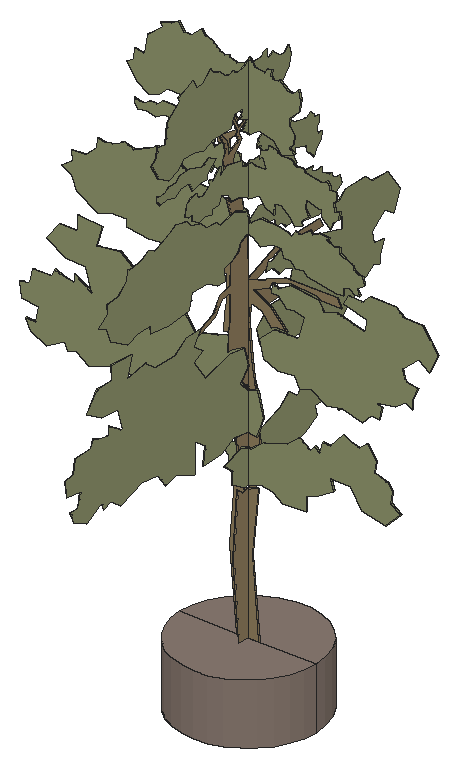
Revit family "L-PLT_곰솔", category 수목, Revit 2019
Family settings
  OmniClass 번호 = 23.40.05.00
  OmniClass 제목 = Plants and Planting Products
  작업 기준면 기반 = 아니오
  항상 수직 = 예
  로드될 때 보이드를 사용하여 절단 = 아니오
  렌더 모양 소스 = 패밀리 형상
  공유 = 아니오
Parameters (values of type "곰솔 5.0H X 2.5W X 20R")
  한국산업규격KS = ""
  콘 높이 = 뿌리분 직경 / 4  # 272.5 mm
  조달청표준공사코드-세부공종 = "10161599202810"
  뿌리분 직경 = (24 mm + ((R / 10) - 3 mm) * 5) * 10  # 1090 mm
  뿌리분 높이 = 뿌리분 직경 / 2  # 545 mm
  높이 = 5000 mm
  건설정보분류체계-부위분류 = "E985"
  R = 200 mm
  LIM_INFO_주의사항 = "재배포, 재가공, 판매 금지"
  LIM_INFO_제작일 = "20211210"
  LIM_INFO_버전 = "2022_V01"
  LIM_INFO_PL_학명 = "Pinus thunbergii Parl."
  LIM_INFO_PL_품명 = "곰솔"
  LIM_INFO_PL_주당인정수량 = 0
  LIM_INFO_PL_수목단위 = "주"
  LIM_INFO_PL_규격 = "5.0H X 2.5W X 20R"
  LIM_INFO_PL_구분 = "상록교목"
  LIM_INFO_PL_가격 = 0
  LIM_INFO_PL_Qty [instance] = 0
  LIM_INFO_PL_M2당수량 = 0
  KBIMS_식별-버전 = ""
  KBIMS_식별-bSK등록번호 = ""
  KBIMS_보급정보-저작자 = "림인포테크_MMJ"
  KBIMS_보급정보-보급코드 = ""
  H = 높이  # 5000 mm
Types (7, lengths in mm): name | 높이 | LIM_INFO_PL_규격 | H
  곰솔 5.0H X 2.5W X 20R | 5000 | "5.0H X 2.5W X 20R" | 5000
  곰솔 4.0H X 2.0W X 15R | 4000 | "4.0H X 2.0W X 15R" | 4000
  곰솔 3.5H X 1.5W X 12R | 3500 | "3.5H X 1.5W X 12R" | 3500
  곰솔 3.0H X 1.2W X 10R | 3000 | "3.0H X 1.2W X 10R" | 3000
  곰솔 3.0H X 1.0W X 6R | 3000 | "3.0H X 1.0W X 6R" | 3000
  곰솔 2.5H X 0.8W | 2500 | "2.5H X 0.8W" | 2500
  곰솔 2.0H X 0.6W | 2000 | "2.0H X 0.6W" | 2000
Reference planes
  plane 1 "중심(앞/뒤)": y = 0
  plane 2: z = 0
  plane 3 "중심(왼쪽/오른쪽)": x = 0
  plane 4: x = 482.5
  plane 5: x = -607.5
  plane 6: z = -545
  plane 7: z = -817.5
  plane 8: z = 5000
  plane 9: x = -100
  plane 10: x = 100
Forms (mm)
  Revolve 1, solid, material "흙"
    sketch origin (0, 0, 0) x (1, 0, 0) y (0, 0, 1)
      loop
        line (0, 0) -> (-607.5, 0) -> (-607.5, -545) -> (0, -545) -> (0, 0)
      axis (0, 0) -> (0, -545)
    angle from 0 to 360
  Revolve 2, solid, material "흙"
    sketch origin (0, 0, 0) x (1, 0, 0) y (0, 0, 1)
      loop
        line (0, -545) -> (-607.5, -545) -> (0, -817.5) -> (0, -545)
      axis (0, -545) -> (0, -817.5)
    angle from 0 to 360
Dimensions and locks
  "뿌리분 직경": plane 4 to plane 5
  "뿌리분 높이": plane 6 to level
  "콘 높이": plane 7 to plane 6
  "H": level to plane 8
  "R": plane 9 to plane 10
  aligned and locked: level to plane 2
Automatic sketch dimensions
  Revolve 1 sketch curve to level = 0 mm  (x2)
  Revolve 1 sketch curve to plane 5 = 0 mm
  Revolve 1 sketch curve to plane 3 "중심(왼쪽/오른쪽)" = 0 mm  (x2)
  Revolve 1 sketch curve to plane 6 = 0 mm  (x2)
  Revolve 2 sketch curve to plane 5 = 0 mm
  Revolve 2 sketch curve to plane 3 "중심(왼쪽/오른쪽)" = 0 mm  (x2)
  Revolve 2 sketch curve to plane 7 = 0 mm  (x2)
  Revolve 2 sketch curve to plane 6 = 0 mm  (x2)
Nested families
  nested 1: "곰솔_base" at (0, 0, 0), type "곰솔_base"
Definition of nested family "곰솔_base"
  Parameters (values of type "곰솔_base")
    Height = 6000 mm
  Reference planes
    plane 1 "중심(앞/뒤)": y = 0
    plane 2: z = 0
    plane 3 "중심(왼쪽/오른쪽)": x = 0
  Forms (mm)
    Revolve 1, solid, detail levels coarse
      sketch origin (0, 0, 0) x (1, 0, 0) y (0, 0, 1)
        loop
          line (0, 0) -> (0, 4500) -> (-590.585, 4224.606) -> (-1456.826, 1582.774) -> (-100, 1582.774) -> (-100, 0) -> (0, 0)
        axis (0, 4500) -> (0, 0)
      angle from 0 to 360
    Extrusion 2, solid, detail levels fine
      sketch origin (0, 0, 0) x (1, 0, 0) y (0, 0, 1)
        loop
          line (-168.946, 1296.744) -> (-33.189, 1214.807) -> (115.375, 1262.177) -> (219.114, 1242.973) -> (313.888, 1184.081) -> (525.208, 1195.603) -> (525.208, 1318.508) -> (637.913, 1358.197) -> (771.301, 1440.735) -> (743.608, 1532.13) -> (918.005, 1532.13) -> (1021.743, 1377.218) -> (1235.625, 1328.568) -> (1366.259, 1464.276) -> (1277.889, 1523.168) -> (1291.977, 1625.589) -> (1256.117, 1676.8) -> (1129.325, 1713.927) -> (1149.816, 1815.068) -> (1070.411, 1926.451) -> (1002.533, 1872.68) -> (923.847, 1881.742) -> (854.38, 1921.992) -> (743.608, 1798.483) -> (671.18, 1798.483) -> (643.755, 1707.809) -> (599.473, 1741.009) -> (561.069, 1689.785) -> (463.733, 1762.76) -> (361.275, 1676.982) -> (146.113, 1609.128) -> (24.444, 1511.828) -> (-72.892, 1543.835) -> (-259.878, 1478.541) -> (-172.789, 1406.847) -> (-168.946, 1296.744)
        loop
          line (-591.81, 1563.5) -> (-588.708, 1830.149) -> (-470.844, 1746.434) -> (-492.556, 1588.305) -> (-297.149, 1597.606) -> (-151.369, 1665.819) -> (83.462, 1637.798) -> (142.317, 1805.01) -> (92.755, 2009.381) -> (2.923, 1975.32) -> (-90.007, 2068.215) -> (2.923, 2176.594) -> (-46.64, 2328.324) -> (-189.132, 2356.193) -> (-464.823, 2278.78) -> (-604.218, 2467.668) -> (-505.093, 2517.212) -> (-607.316, 2594.626) -> (-539.167, 2696.811) -> (-678.562, 2696.811) -> (-805.566, 2610.108) -> (-1028.597, 2610.108) -> (-1134.608, 2692.109) -> (-1348.625, 2658.002) -> (-1298.998, 2831.635) -> (-1522.32, 2847.137) -> (-1516.117, 2723.114) -> (-1677.405, 2723.114) -> (-1795.27, 2568.086) -> (-1624.677, 2471.968) -> (-1447.88, 2462.666) -> (-1392.049, 2273.531) -> (-1547.134, 2369.649) -> (-1546.754, 2292.943) -> (-1651.403, 2314.369) -> (-1722.01, 2342.097) -> (-1747.226, 2279.079) -> (-1919.96, 2276.558) -> (-1942.655, 2158.083) -> (-2035.957, 2137.917) -> (-2017.044, 2009.358) -> (-1869.527, 1991.713) -> (-1894.744, 1865.676) -> (-1980.48, 1866.936) -> (-1937.612, 1773.668) -> (-1798.92, 1703.087) -> (-1635.012, 1796.355) -> (-1603.491, 1730.816) -> (-1525.422, 1755.736) -> (-1416.863, 1681.322) -> (-1178.032, 1755.736) -> (-1001.235, 1737.132) -> (-911.285, 1619.31) -> (-799.624, 1650.316) -> (-591.81, 1563.5)
        loop
          line (351.735, 2753.654) -> (416.899, 2765.15) -> (505.062, 2736.411) -> (457.147, 2552.485) -> (244.406, 2550.569) -> (104.494, 2426.036) -> (142.826, 2284.26) -> (271.238, 2228.699) -> (423.714, 2245.761) -> (464.814, 2157.99) -> (560.643, 2184.812) -> (704.387, 2106.261) -> (851.965, 2133.083) -> (1022.542, 2077.522) -> (1104.558, 2163.527) -> (1175.51, 2157.447) -> (1199.836, 2258.77) -> (1139.02, 2277.008) -> (1319.033, 2311.87) -> (1408.229, 2376.716) -> (1473.1, 2342.266) -> (1471.072, 2413.192) -> (1521.234, 2524.956) -> (1406.538, 2540.243) -> (1383.599, 2641.521) -> (1525.057, 2756.175) -> (1624.46, 2687.383) -> (1700.924, 2851.72) -> (1563.289, 3042.81) -> (1393.157, 3046.632) -> (1316.693, 3107.781) -> (1098.771, 3109.692) -> (1024.218, 3048.543) -> (901.876, 3050.454) -> (857.909, 2970.196) -> (1060.539, 2912.869) -> (1054.804, 2807.769) -> (796.738, 2878.473) -> (683.954, 2836.433) -> (620.871, 2918.602) -> (385.745, 2949.176) -> (278.696, 2891.849) -> (225.24, 2906.926) -> (211.824, 2836.038) -> (276.988, 2834.122) -> (351.735, 2753.654)
        loop
          line (17.405, 3325.928) -> (-7.325, 3412.45) -> (-146.709, 3467.51) -> (-303.316, 3425.122) -> (-351.462, 3474.37) -> (-456.712, 3481.086) -> (-528.372, 3544.885) -> (-641.459, 3573.986) -> (-679.528, 3626.592) -> (-794.856, 3652.335) -> (-867.635, 3610.922) -> (-1017.672, 3548.243) -> (-1101.648, 3579.582) -> (-1172.188, 3537.05) -> (-1274.079, 3520.261) -> (-1335.662, 3531.453) -> (-1349.098, 3441.911) -> (-1442.031, 3359.085) -> (-1568.555, 3352.37) -> (-1560.718, 3270.663) -> (-1660.369, 3201.268) -> (-1573.034, 3152.019) -> (-1527.127, 3038.973) -> (-1340.14, 2930.403) -> (-1225.933, 2971.816) -> (-1082.614, 2969.578) -> (-1081.494, 2908.018) -> (-881.071, 2881.155) -> (-662.733, 2905.779) -> (-629.143, 3035.615) -> (-442.102, 3024.095) -> (-332.516, 2958.144) -> (-253.123, 2958.144) -> (-266.541, 3072.162) -> (-178.202, 3090.047) -> (-107.754, 3141.466) -> (-89.862, 3199.592) -> (-25.005, 3236.48) -> (46.561, 3224.184) -> (112.536, 3166.058) -> (219.885, 3220.831) -> (303.752, 3215.242) -> (323.88, 3153.762) -> (379.791, 3152.644) -> (427.874, 3103.46) -> (496.086, 3107.932) -> (535.223, 3073.279) -> (682.829, 3048.687) -> (795.769, 3030.802) -> (855.035, 3039.745) -> (852.798, 3097.871) -> (910.946, 3110.167) -> (951.202, 3074.397) -> (1002.489, 3083.583) -> (982.267, 3137.256) -> (1043.63, 3180.473) -> (1028.289, 3249.481) -> (993.424, 3252.269) -> (947.402, 3274.575) -> (941.823, 3307.337) -> (915.186, 3313.085) -> (821.867, 3364.17) -> (821.867, 3407.481) -> (765.208, 3396.376) -> (708.55, 3430.803) -> (729.658, 3450.793) -> (639.671, 3458.566) -> (581.901, 3431.913) -> (561.904, 3455.235) -> (473.028, 3389.713) -> (424.146, 3399.707) -> (388.596, 3344.18) -> (349.713, 3367.502) -> (276.39, 3381.939) -> (127.564, 3398.966) -> (17.405, 3325.928)
        loop
          line (791.245, 3771.91) -> (791.245, 3833.467) -> (736.046, 3842.122) -> (734.964, 3872.417) -> (705.741, 3897.301) -> (663.53, 3870.253) -> (522.826, 3896.219) -> (482.78, 3928.677) -> (435.157, 3923.268) -> (375.628, 3962.218) -> (293.371, 3954.644) -> (239.254, 3994.676) -> (191.201, 4002.984) -> (189.025, 3973.619) -> (119.393, 3934.465) -> (106.337, 3872.472) -> (131.361, 3889.873) -> (165.089, 3798.514) -> (63.905, 3795.252) -> (31.265, 3808.303) -> (-11.167, 3774.587) -> (-64.479, 3800.69) -> (-67.743, 3847.457) -> (-232.031, 3874.647) -> (-296.223, 3825.705) -> (-310.367, 3849.632) -> (-297.311, 3861.595) -> (-301.663, 3901.837) -> (-347.359, 3867.034) -> (-390.097, 3808.16) -> (-401.154, 3836.219) -> (-433.902, 3845.997) -> (-423.27, 3800.508) -> (-493.018, 3751.192) -> (-559.363, 3762.671) -> (-570.421, 3797.957) -> (-630.812, 3791.58) -> (-680.571, 3758.844) -> (-695.031, 3674.242) -> (-654.203, 3647.033) -> (-616.777, 3666.164) -> (-618.607, 3606.267) -> (-548.071, 3562.876) -> (-481.876, 3581.317) -> (-404.83, 3559.621) -> (-397.234, 3594.334) -> (-328.868, 3608.436) -> (-300.654, 3668.098) -> (-220.352, 3642.064) -> (-176.945, 3573.723) -> (-92.303, 3568.3) -> (6.447, 3517.315) -> (107.704, 3574.947) -> (151.111, 3503.353) -> (232.498, 3463.216) -> (236.838, 3551.083) -> (307.374, 3561.93) -> (372.484, 3502.268) -> (420.231, 3435.012) -> (488.596, 3466.471) -> (480.003, 3496.555) -> (507.999, 3526.237) -> (546.175, 3560.16) -> (517.755, 3620.372) -> (525.815, 3686.096) -> (636.471, 3657.11) -> (658.118, 3652.782) -> (662.447, 3604.095) -> (740.375, 3525.113) -> (764.187, 3591.112) -> (812.892, 3628.979) -> (822.633, 3690.65) -> (779.34, 3677.667) -> (769.599, 3747.993) -> (791.245, 3771.91)
        loop
          line (-1008.607, 4363.682) -> (-1015.433, 4274.977) -> (-1076.866, 4237.449) -> (-994.955, 4107.804) -> (-885.741, 4042.981) -> (-790.178, 4073.687) -> (-711.68, 4140.215) -> (-587.108, 4140.215) -> (-488.132, 4112.921) -> (-385.744, 4153.862) -> (-192.912, 4152.156) -> (-157.076, 4254.507) -> (-41.036, 4254.507) -> (-81.991, 4191.39) -> (-17.145, 4162.391) -> (-59.807, 4082.216) -> (13.571, 4025.923) -> (93.776, 4087.333) -> (232, 4053.216) -> (307.085, 3973.041) -> (423.125, 4013.982) -> (373.637, 4044.687) -> (409.473, 4085.628) -> (418.006, 4158.979) -> (370.224, 4227.213) -> (377.05, 4280.095) -> (462.374, 4368.799) -> (474.319, 4464.327) -> (455.548, 4544.502) -> (411.18, 4496.738) -> (359.986, 4505.268) -> (288.314, 4563.267) -> (237.091, 4538.022) -> (206.326, 4565.433) -> (215.689, 4618.248) -> (170.88, 4605.546) -> (160.179, 4575.461) -> (69.885, 4580.325) -> (23.81, 4634.912) -> (-34.21, 4585.443) -> (-99.981, 4567.438) -> (-162.179, 4588.163) -> (-162.179, 4607.551) -> (-200.3, 4591.506) -> (-245.813, 4602.501) -> (-315.778, 4662.206) -> (-382.331, 4689.5) -> (-407.928, 4725.323) -> (-498.371, 4646.853) -> (-568.336, 4646.853) -> (-612.705, 4721.911) -> (-676.164, 4684.399) -> (-773.113, 4653.677) -> (-756.048, 4621.266) -> (-894.273, 4512.091) -> (-918.164, 4346.623) -> (-1008.607, 4363.682)
        loop
          line (-1011.82, 3967.065) -> (-1011.82, 3927.604) -> (-980.02, 3888.142) -> (-899.972, 3899.104) -> (-819.924, 3877.181) -> (-751.938, 3922.123) -> (-657.635, 3922.123) -> (-617.062, 3845.392) -> (-528.242, 3873.892) -> (-462.449, 3864.027) -> (-455.136, 3904.206) -> (-357.713, 3985.491) -> (-428.587, 4028.736) -> (-507.746, 3991.932) -> (-639.053, 4030.274) -> (-758.161, 4030.274) -> (-794.703, 3990.084) -> (-871.462, 3990.084) -> (-921.903, 3953.911) -> (-977.827, 3953.911) -> (-1011.82, 3967.065)
      from 0 to 5
    Extrusion 3, solid, detail levels fine
      sketch origin (0, 0, 0) x (1, 0, 0) y (0, 0, 1)
        loop
          line (-105.57, 4025.609) -> (-213.395, 3954.809) -> (-223.837, 3954.809) -> (-223.837, 3998.943) -> (-238.848, 4078.973) -> (-282.451, 4135.422) -> (-309.614, 4133.993) -> (-261.722, 4068.255) -> (-246.711, 3986.796) -> (-273.874, 3936.778) -> (-273.159, 3916.77) -> (-262.226, 3864.123) -> (-230.299, 3883.475) -> (-167.086, 3869.68) -> (-162.189, 3931.09) -> (-104.763, 3984.046) -> (-90.53, 3995.86) -> (-72.315, 4025.171) -> (-78.57, 4035.176) -> (-102.653, 4082.359) -> (-90.523, 4111.55) -> (-26.644, 4154.935) -> (-37.987, 4160.431) -> (-100.89, 4125.418) -> (-155.092, 4222.797) -> (-163.007, 4204.499) -> (-113.194, 4104.991) -> (-124.035, 4076.428) -> (-105.57, 4025.609)
        loop
          line (-239.827, 3626) -> (-194.765, 3471.896) -> (-146.897, 3483.622) -> (-52.088, 3443.204) -> (-66.96, 3537.978) -> (-99.492, 3553.774) -> (-185.936, 3560.743) -> (-239.827, 3626)
        loop
          line (-190.065, 2900.994) -> (-310.971, 2873.877) -> (-385.374, 2754.566) -> (-514.029, 2694.135) -> (-532.494, 2655.981) -> (-371.552, 2721.572) -> (-291.082, 2830.478) -> (-191.399, 2844.322) -> (-191.399, 2628.031) -> (-209.945, 2521.74) -> (-215.398, 2383.992) -> (-179.683, 2383.992) -> (-29.431, 2342.134) -> (21.063, 2178.395) -> (-51.6, 2070.056) -> (13.674, 1997.42) -> (70.247, 2020.067) -> (36.891, 2241.707) -> (10.915, 2530.243) -> (21.995, 2686.776) -> (124.503, 2656.953) -> (214.007, 2552.188) -> (246.136, 2574.364) -> (348.645, 2571.305) -> (207.887, 2721.188) -> (56.42, 2803.012) -> (195.647, 2865.718) -> (218.597, 2924.601) -> (267.556, 2925.366) -> (377.714, 2972.013) -> (617.92, 2950.601) -> (664.419, 2927.49) -> (839.16, 2927.49) -> (801.279, 2997.116) -> (334.356, 2997.123) -> (-0.5, 2862.84) -> (-6.341, 3207.305) -> (-75.677, 3188.208) -> (-92.772, 3129.173) -> (-186.627, 3070.168) -> (-190.065, 2900.994)
        loop
          line (-74.252, 1563.075) -> (22.243, 1526.014) -> (108.072, 1587.951) -> (105.025, 1664.611) -> (92.328, 1628.565) -> (-126.562, 1653.442) -> (-117.42, 1542.767) -> (-74.252, 1563.075)
        loop
          line (-114.677, 1229.016) -> (-161.857, 693.804) -> (-100, 0) -> (100, 0) -> (41.759, 686.945) -> (95.657, 1225.731) -> (-48.948, 1182.365) -> (-114.677, 1229.016)
      from 0 to 5
    Extrusion 4, solid, detail levels fine
      sketch origin (-5, -5, 0) x (0, 1, 0) y (0, 0, 1)
        loop
          line (-168.946, 1296.744) -> (-33.189, 1214.807) -> (115.375, 1262.177) -> (219.114, 1242.973) -> (313.888, 1184.081) -> (525.208, 1195.603) -> (525.208, 1318.508) -> (637.913, 1358.197) -> (771.301, 1440.735) -> (743.608, 1532.13) -> (918.005, 1532.13) -> (1021.743, 1377.218) -> (1235.625, 1328.568) -> (1366.259, 1464.276) -> (1277.889, 1523.168) -> (1291.977, 1625.589) -> (1256.117, 1676.8) -> (1129.325, 1713.927) -> (1149.816, 1815.068) -> (1070.411, 1926.451) -> (1002.533, 1872.68) -> (923.847, 1881.742) -> (854.38, 1921.992) -> (743.608, 1798.483) -> (671.18, 1798.483) -> (643.755, 1707.809) -> (599.473, 1741.009) -> (561.069, 1689.785) -> (463.733, 1762.76) -> (361.275, 1676.982) -> (146.113, 1609.128) -> (24.444, 1511.828) -> (-72.892, 1543.835) -> (-259.878, 1478.541) -> (-172.789, 1406.847) -> (-168.946, 1296.744)
        loop
          line (-591.81, 1563.5) -> (-588.708, 1830.149) -> (-470.844, 1746.434) -> (-492.556, 1588.305) -> (-297.149, 1597.606) -> (-151.369, 1665.819) -> (83.462, 1637.798) -> (142.317, 1805.01) -> (92.755, 2009.381) -> (2.923, 1975.32) -> (-90.007, 2068.215) -> (2.923, 2176.594) -> (-46.64, 2328.324) -> (-189.132, 2356.193) -> (-464.823, 2278.78) -> (-604.218, 2467.668) -> (-505.093, 2517.212) -> (-607.316, 2594.626) -> (-539.167, 2696.811) -> (-678.562, 2696.811) -> (-805.566, 2610.108) -> (-1028.597, 2610.108) -> (-1134.608, 2692.109) -> (-1348.625, 2658.002) -> (-1298.998, 2831.635) -> (-1522.32, 2847.137) -> (-1516.117, 2723.114) -> (-1677.405, 2723.114) -> (-1795.27, 2568.086) -> (-1624.677, 2471.968) -> (-1447.88, 2462.666) -> (-1392.049, 2273.531) -> (-1547.134, 2369.649) -> (-1546.754, 2292.943) -> (-1651.403, 2314.369) -> (-1722.01, 2342.097) -> (-1747.226, 2279.079) -> (-1919.96, 2276.558) -> (-1942.655, 2158.083) -> (-2035.957, 2137.917) -> (-2017.044, 2009.358) -> (-1869.527, 1991.713) -> (-1894.744, 1865.676) -> (-1980.48, 1866.936) -> (-1937.612, 1773.668) -> (-1798.92, 1703.087) -> (-1635.012, 1796.355) -> (-1603.491, 1730.816) -> (-1525.422, 1755.736) -> (-1416.863, 1681.322) -> (-1178.032, 1755.736) -> (-1001.235, 1737.132) -> (-911.285, 1619.31) -> (-799.624, 1650.316) -> (-591.81, 1563.5)
        loop
          line (351.735, 2753.654) -> (416.899, 2765.15) -> (505.062, 2736.411) -> (457.147, 2552.485) -> (244.406, 2550.569) -> (104.494, 2426.036) -> (142.826, 2284.26) -> (271.238, 2228.699) -> (423.714, 2245.761) -> (464.814, 2157.99) -> (560.643, 2184.812) -> (704.387, 2106.261) -> (851.965, 2133.083) -> (1022.542, 2077.522) -> (1104.558, 2163.527) -> (1175.51, 2157.447) -> (1199.836, 2258.77) -> (1139.02, 2277.008) -> (1319.033, 2311.87) -> (1408.229, 2376.716) -> (1473.1, 2342.266) -> (1471.072, 2413.192) -> (1521.234, 2524.956) -> (1406.538, 2540.243) -> (1383.599, 2641.521) -> (1525.057, 2756.175) -> (1624.46, 2687.383) -> (1700.924, 2851.72) -> (1563.289, 3042.81) -> (1393.157, 3046.632) -> (1316.693, 3107.781) -> (1098.771, 3109.692) -> (1024.218, 3048.543) -> (901.876, 3050.454) -> (857.909, 2970.196) -> (1060.539, 2912.869) -> (1054.804, 2807.769) -> (796.738, 2878.473) -> (683.954, 2836.433) -> (620.871, 2918.602) -> (385.745, 2949.176) -> (278.696, 2891.849) -> (225.24, 2906.926) -> (211.824, 2836.038) -> (276.988, 2834.122) -> (351.735, 2753.654)
        loop
          line (17.405, 3325.928) -> (-7.325, 3412.45) -> (-146.709, 3467.51) -> (-303.316, 3425.122) -> (-351.462, 3474.37) -> (-456.712, 3481.086) -> (-528.372, 3544.885) -> (-641.459, 3573.986) -> (-679.528, 3626.592) -> (-794.856, 3652.335) -> (-867.635, 3610.922) -> (-1017.672, 3548.243) -> (-1101.648, 3579.582) -> (-1172.188, 3537.05) -> (-1274.079, 3520.261) -> (-1335.662, 3531.453) -> (-1349.098, 3441.911) -> (-1442.031, 3359.085) -> (-1568.555, 3352.37) -> (-1560.718, 3270.663) -> (-1660.369, 3201.268) -> (-1573.034, 3152.019) -> (-1527.127, 3038.973) -> (-1340.14, 2930.403) -> (-1225.933, 2971.816) -> (-1082.614, 2969.578) -> (-1081.494, 2908.018) -> (-881.071, 2881.155) -> (-662.733, 2905.779) -> (-629.143, 3035.615) -> (-442.102, 3024.095) -> (-332.516, 2958.144) -> (-253.123, 2958.144) -> (-266.541, 3072.162) -> (-178.202, 3090.047) -> (-107.754, 3141.466) -> (-89.862, 3199.592) -> (-25.005, 3236.48) -> (46.561, 3224.184) -> (112.536, 3166.058) -> (219.885, 3220.831) -> (303.752, 3215.242) -> (323.88, 3153.762) -> (379.791, 3152.644) -> (427.874, 3103.46) -> (496.086, 3107.932) -> (535.223, 3073.279) -> (682.829, 3048.687) -> (795.769, 3030.802) -> (855.035, 3039.745) -> (852.798, 3097.871) -> (910.946, 3110.167) -> (951.202, 3074.397) -> (1002.489, 3083.583) -> (982.267, 3137.256) -> (1043.63, 3180.473) -> (1028.289, 3249.481) -> (993.424, 3252.269) -> (947.402, 3274.575) -> (941.823, 3307.337) -> (915.186, 3313.085) -> (821.867, 3364.17) -> (821.867, 3407.481) -> (765.208, 3396.376) -> (708.55, 3430.803) -> (729.658, 3450.793) -> (639.671, 3458.566) -> (581.901, 3431.913) -> (561.904, 3455.235) -> (473.028, 3389.713) -> (424.146, 3399.707) -> (388.596, 3344.18) -> (349.713, 3367.502) -> (276.39, 3381.939) -> (127.564, 3398.966) -> (17.405, 3325.928)
        loop
          line (791.245, 3771.91) -> (791.245, 3833.467) -> (736.046, 3842.122) -> (734.964, 3872.417) -> (705.741, 3897.301) -> (663.53, 3870.253) -> (522.826, 3896.219) -> (482.78, 3928.677) -> (435.157, 3923.268) -> (375.628, 3962.218) -> (293.371, 3954.644) -> (239.254, 3994.676) -> (191.201, 4002.984) -> (189.025, 3973.619) -> (119.393, 3934.465) -> (106.337, 3872.472) -> (131.361, 3889.873) -> (165.089, 3798.514) -> (63.905, 3795.252) -> (31.265, 3808.303) -> (-11.167, 3774.587) -> (-64.479, 3800.69) -> (-67.743, 3847.457) -> (-232.031, 3874.647) -> (-296.223, 3825.705) -> (-310.367, 3849.632) -> (-297.311, 3861.595) -> (-301.663, 3901.837) -> (-347.359, 3867.034) -> (-390.097, 3808.16) -> (-401.154, 3836.219) -> (-433.902, 3845.997) -> (-423.27, 3800.508) -> (-493.018, 3751.192) -> (-559.363, 3762.671) -> (-570.421, 3797.957) -> (-630.812, 3791.58) -> (-680.571, 3758.844) -> (-695.031, 3674.242) -> (-654.203, 3647.033) -> (-616.777, 3666.164) -> (-618.607, 3606.267) -> (-548.071, 3562.876) -> (-481.876, 3581.317) -> (-404.83, 3559.621) -> (-397.234, 3594.334) -> (-328.868, 3608.436) -> (-300.654, 3668.098) -> (-220.352, 3642.064) -> (-176.945, 3573.723) -> (-92.303, 3568.3) -> (6.447, 3517.315) -> (107.704, 3574.947) -> (151.111, 3503.353) -> (232.498, 3463.216) -> (236.838, 3551.083) -> (307.374, 3561.93) -> (372.484, 3502.268) -> (420.231, 3435.012) -> (488.596, 3466.471) -> (480.003, 3496.555) -> (507.999, 3526.237) -> (546.175, 3560.16) -> (517.755, 3620.372) -> (525.815, 3686.096) -> (636.471, 3657.11) -> (658.118, 3652.782) -> (662.447, 3604.095) -> (740.375, 3525.113) -> (764.187, 3591.112) -> (812.892, 3628.979) -> (822.633, 3690.65) -> (779.34, 3677.667) -> (769.599, 3747.993) -> (791.245, 3771.91)
        loop
          line (-1008.607, 4363.682) -> (-1015.433, 4274.977) -> (-1076.866, 4237.449) -> (-994.955, 4107.804) -> (-885.741, 4042.981) -> (-790.178, 4073.687) -> (-711.68, 4140.215) -> (-587.108, 4140.215) -> (-488.132, 4112.921) -> (-385.744, 4153.862) -> (-192.912, 4152.156) -> (-157.076, 4254.507) -> (-41.036, 4254.507) -> (-81.991, 4191.39) -> (-17.145, 4162.391) -> (-59.807, 4082.216) -> (13.571, 4025.923) -> (93.776, 4087.333) -> (232, 4053.216) -> (307.085, 3973.041) -> (423.125, 4013.982) -> (373.637, 4044.687) -> (409.473, 4085.628) -> (418.006, 4158.979) -> (370.224, 4227.213) -> (377.05, 4280.095) -> (462.374, 4368.799) -> (474.319, 4464.327) -> (455.548, 4544.502) -> (411.18, 4496.738) -> (359.986, 4505.268) -> (288.314, 4563.267) -> (237.091, 4538.022) -> (206.326, 4565.433) -> (215.689, 4618.248) -> (170.88, 4605.546) -> (160.179, 4575.461) -> (69.885, 4580.325) -> (23.81, 4634.912) -> (-34.21, 4585.443) -> (-99.981, 4567.438) -> (-162.179, 4588.163) -> (-162.179, 4607.551) -> (-200.3, 4591.506) -> (-245.813, 4602.501) -> (-315.778, 4662.206) -> (-382.331, 4689.5) -> (-407.928, 4725.323) -> (-498.371, 4646.853) -> (-568.336, 4646.853) -> (-612.705, 4721.911) -> (-676.164, 4684.399) -> (-773.113, 4653.677) -> (-756.048, 4621.266) -> (-894.273, 4512.091) -> (-918.164, 4346.623) -> (-1008.607, 4363.682)
        loop
          line (-1011.82, 3967.065) -> (-1011.82, 3927.604) -> (-980.02, 3888.142) -> (-899.972, 3899.104) -> (-819.924, 3877.181) -> (-751.938, 3922.123) -> (-657.635, 3922.123) -> (-617.062, 3845.392) -> (-528.242, 3873.892) -> (-462.449, 3864.027) -> (-455.136, 3904.206) -> (-357.713, 3985.491) -> (-428.587, 4028.736) -> (-507.746, 3991.932) -> (-639.053, 4030.274) -> (-758.161, 4030.274) -> (-794.703, 3990.084) -> (-871.462, 3990.084) -> (-921.903, 3953.911) -> (-977.827, 3953.911) -> (-1011.82, 3967.065)
      from 0 to 5
    Extrusion 5, solid, detail levels fine
      sketch origin (-5, -5, 0) x (0, 1, 0) y (0, 0, 1)
        loop
          line (-105.57, 4025.609) -> (-213.395, 3954.809) -> (-223.837, 3954.809) -> (-223.837, 3998.943) -> (-238.848, 4078.973) -> (-282.451, 4135.422) -> (-309.614, 4133.993) -> (-261.722, 4068.255) -> (-246.711, 3986.796) -> (-273.874, 3936.778) -> (-273.159, 3916.77) -> (-262.226, 3864.123) -> (-230.299, 3883.475) -> (-167.086, 3869.68) -> (-162.189, 3931.09) -> (-104.763, 3984.046) -> (-90.53, 3995.86) -> (-72.315, 4025.171) -> (-78.57, 4035.176) -> (-102.653, 4082.359) -> (-90.523, 4111.55) -> (-26.644, 4154.935) -> (-37.987, 4160.431) -> (-100.89, 4125.418) -> (-155.092, 4222.797) -> (-163.007, 4204.499) -> (-113.194, 4104.991) -> (-124.035, 4076.428) -> (-105.57, 4025.609)
        loop
          line (-239.827, 3626) -> (-194.765, 3471.896) -> (-146.897, 3483.622) -> (-52.088, 3443.204) -> (-66.96, 3537.978) -> (-99.492, 3553.774) -> (-185.936, 3560.743) -> (-239.827, 3626)
        loop
          line (-190.065, 2900.994) -> (-310.971, 2873.877) -> (-385.374, 2754.566) -> (-514.029, 2694.135) -> (-532.494, 2655.981) -> (-371.552, 2721.572) -> (-291.082, 2830.478) -> (-191.399, 2844.322) -> (-191.399, 2628.031) -> (-209.945, 2521.74) -> (-215.398, 2383.992) -> (-179.683, 2383.992) -> (-29.431, 2342.134) -> (21.063, 2178.395) -> (-51.6, 2070.056) -> (13.674, 1997.42) -> (70.247, 2020.067) -> (36.891, 2241.707) -> (10.915, 2530.243) -> (21.995, 2686.776) -> (124.503, 2656.953) -> (214.007, 2552.188) -> (246.136, 2574.364) -> (348.645, 2571.305) -> (207.887, 2721.188) -> (56.42, 2803.012) -> (195.647, 2865.718) -> (218.597, 2924.601) -> (267.556, 2925.366) -> (377.714, 2972.013) -> (617.92, 2950.601) -> (664.419, 2927.49) -> (839.16, 2927.49) -> (801.279, 2997.116) -> (334.356, 2997.123) -> (-0.5, 2862.84) -> (-6.341, 3207.305) -> (-75.677, 3188.208) -> (-92.772, 3129.173) -> (-186.627, 3070.168) -> (-190.065, 2900.994)
        loop
          line (-74.252, 1563.075) -> (22.243, 1526.014) -> (108.072, 1587.951) -> (105.025, 1664.611) -> (92.328, 1628.565) -> (-126.562, 1653.442) -> (-117.42, 1542.767) -> (-74.252, 1563.075)
        loop
          line (-114.677, 1229.016) -> (-161.857, 693.804) -> (-100, 0) -> (100, 0) -> (41.759, 686.945) -> (95.657, 1225.731) -> (-48.948, 1182.365) -> (-114.677, 1229.016)
      from 0 to 5
  Lines and regions (mm)
    symbolic lines
      curve 1: line (-664.028, -1408.248, 0) -> (1520.423, 776.202, 0)
      curve 2: line (15.94, -1628.977, 0) -> (1741.151, 96.234, 0)
      curve 3: line (-1133.994, -977.519, 0) -> (1089.693, 1246.169, 0)
      curve 4: line (-1407.277, -350.105, 0) -> (462.279, 1519.451, 0)
      curve 5: line (-1248.111, 709.758, 0) -> (-597.583, 1360.285, 0)
      curve 6: circle (0, -2.077, 0) r 116.202 normal (0, 0, 1)
      curve 7: line (-1466.714, -736.928, 0) -> (-1542.367, -683.196, 0)
      curve 8: line (-1542.367, -683.196, 0) -> (-1643.224, -683.438, 0)
      curve 9: line (-1643.224, -683.438, 0) -> (-1692.16, -687.202, 0)
      curve 10: line (-1692.16, -687.202, 0) -> (-1566.466, -580.776, 0)
      curve 11: line (-1566.466, -580.776, 0) -> (-1536.878, -473.616, 0)
      curve 12: line (-1536.878, -473.616, 0) -> (-1524.534, -401.17, 0)
      curve 13: line (-1524.534, -401.17, 0) -> (-1681.502, -297.69, 0)
      curve 14: line (-1681.502, -297.69, 0) -> (-1772.33, -291.785, 0)
      curve 15: line (-1772.33, -291.785, 0) -> (-1655.755, -224.48, 0)
      curve 16: line (-1655.755, -224.48, 0) -> (-1616.638, -124.197, 0)
      curve 17: line (-1616.638, -124.197, 0) -> (-1658.786, -51.194, 0)
      curve 18: line (-1658.786, -51.194, 0) -> (-1745.494, 15.151, 0)
      curve 19: line (-1745.494, 15.151, 0) -> (-1873.13, 67.827, 0)
      curve 20: line (-1873.13, 67.827, 0) -> (-2013.586, 110.658, 0)
      curve 21: line (-2013.586, 110.658, 0) -> (-2050.316, 72.257, 0)
      curve 22: line (-2050.316, 72.257, 0) -> (-1955.455, 59.004, 0)
      curve 23: line (-1955.455, 59.004, 0) -> (-1764.623, 99.426, 0)
      curve 24: line (-1764.623, 99.426, 0) -> (-1643.821, 141.874, 0)
      curve 25: line (-1643.821, 141.874, 0) -> (-1563.861, 188.038, 0)
      curve 26: line (-1563.861, 188.038, 0) -> (-1534.6, 204.932, 0)
      curve 27: line (-1534.6, 204.932, 0) -> (-1545.312, 257.093, 0)
      curve 28: line (-1596.067, 412.217, 0) -> (-1639.397, 503.891, 0)
      curve 29: line (-1639.397, 503.891, 0) -> (-1713.535, 548.463, 0)
      curve 30: line (-1713.535, 548.463, 0) -> (-1590.594, 570.774, 0)
      curve 31: line (-1590.594, 570.774, 0) -> (-1525.031, 608.628, 0)
      curve 32: line (-1525.031, 608.628, 0) -> (-1548.436, 682.774, 0)
      curve 33: line (-1548.436, 682.774, 0) -> (-1635.144, 749.12, 0)
      curve 34: line (-1635.144, 749.12, 0) -> (-1563.338, 742.193, 0)
      curve 35: line (-1563.338, 742.193, 0) -> (-1485.081, 758.06, 0)
      curve 36: line (-1485.081, 758.06, 0) -> (-1453.961, 805.342, 0)
      curve 37: line (-1453.961, 805.342, 0) -> (-1470.046, 883.431, 0)
      curve 38: line (-1470.046, 883.431, 0) -> (-1419.867, 863.733, 0)
      curve 39: line (1424.504, -902.79, 0) -> (1415.797, -995.173, 0)
      curve 40: line (1415.797, -995.173, 0) -> (1466.435, -1082.397, 0)
      curve 41: line (1466.435, -1082.397, 0) -> (1494.163, -1122.895, 0)
      curve 42: line (1494.163, -1122.895, 0) -> (1339.148, -1067.253, 0)
      curve 43: line (1339.148, -1067.253, 0) -> (1231.551, -1095.21, 0)
      curve 44: line (1231.551, -1095.21, 0) -> (1162.639, -1120.743, 0)
      curve 45: line (1162.639, -1120.743, 0) -> (1151.507, -1308.42, 0)
      curve 46: line (1151.507, -1308.42, 0) -> (1191.806, -1390.032, 0)
      curve 47: line (1191.806, -1390.032, 0) -> (1075.231, -1322.728, 0)
      curve 48: line (1075.231, -1322.728, 0) -> (968.825, -1338.993, 0)
      curve 49: line (968.825, -1338.993, 0) -> (926.677, -1411.996, 0)
      curve 50: line (926.677, -1411.996, 0) -> (912.574, -1520.259, 0)
      curve 51: line (912.574, -1520.259, 0) -> (930.774, -1657.134, 0)
      curve 52: line (930.774, -1657.134, 0) -> (963.909, -1800.188, 0)
      curve 53: line (963.909, -1800.188, 0) -> (1015.53, -1812.797, 0)
      curve 54: line (1015.53, -1812.797, 0) -> (979.577, -1724.018, 0)
      curve 55: line (979.577, -1724.018, 0) -> (849.155, -1578.964, 0)
      curve 56: line (849.155, -1578.964, 0) -> (751.993, -1495.569, 0)
      curve 57: line (751.993, -1495.569, 0) -> (672.033, -1449.405, 0)
      curve 58: line (672.033, -1449.405, 0) -> (642.772, -1432.511, 0)
      curve 59: line (642.772, -1432.511, 0) -> (602.955, -1467.868, 0)
      curve 60: line (1182.401, 1221.459, 0) -> (1283.458, 1213.148, 0)
      curve 61: line (1283.458, 1213.148, 0) -> (1359.127, 1255.066, 0)
      curve 62: line (1359.127, 1255.066, 0) -> (1316.979, 1137.441, 0)
      curve 63: line (1316.979, 1137.441, 0) -> (1316.979, 1061.735, 0)
      curve 64: line (1316.979, 1061.735, 0) -> (1392.895, 1044.931, 0)
      curve 65: line (1392.895, 1044.931, 0) -> (1493.705, 1086.85, 0)
      curve 66: line (1493.705, 1086.85, 0) -> (1451.804, 1028.128, 0)
      curve 67: line (1451.804, 1028.128, 0) -> (1426.416, 952.421, 0)
      curve 68: line (1426.416, 952.421, 0) -> (1451.804, 901.83, 0)
      curve 69: line (1451.804, 901.83, 0) -> (1527.473, 876.715, 0)
      curve 70: line (1527.473, 876.715, 0) -> (1485.325, 843.108, 0)
      curve 71: line (-68.986, -1654.482, 0) -> (-153.345, -1693.133, 0)
      curve 72: line (-153.345, -1693.133, 0) -> (-203.564, -1780.599, 0)
      curve 73: line (-203.564, -1780.599, 0) -> (-224.773, -1824.861, 0)
      curve 74: line (-224.773, -1824.861, 0) -> (-254.092, -1662.793, 0)
      curve 75: line (-254.092, -1662.793, 0) -> (-332.102, -1583.59, 0)
      curve 76: line (-332.102, -1583.59, 0) -> (-388.671, -1536.676, 0)
      curve 77: line (-388.671, -1536.676, 0) -> (-556.77, -1620.875, 0)
      curve 78: line (-556.77, -1620.875, 0) -> (-607.299, -1696.581, 0)
      curve 79: line (-607.299, -1696.581, 0) -> (-607.299, -1561.972, 0)
      curve 80: line (-607.299, -1561.972, 0) -> (-674.588, -1477.954, 0)
      curve 81: line (-674.588, -1477.954, 0) -> (-758.884, -1477.954, 0)
      curve 82: line (-758.884, -1477.954, 0) -> (-859.694, -1519.872, 0)
      curve 83: line (-859.694, -1519.872, 0) -> (-969.132, -1604.071, 0)
      curve 84: line (-969.132, -1604.071, 0) -> (-1076.452, -1704.294, 0)
      curve 85: line (-1076.452, -1704.294, 0) -> (-1061.562, -1755.303, 0)
      curve 86: line (-1061.562, -1755.303, 0) -> (-1002.653, -1679.777, 0)
      curve 87: line (-1002.653, -1679.777, 0) -> (-942.244, -1494.302, 0)
      curve 88: line (-942.244, -1494.302, 0) -> (-918.603, -1368.46, 0)
      curve 89: line (-918.603, -1368.46, 0) -> (-918.603, -1276.13, 0)
      curve 90: line (-918.603, -1276.13, 0) -> (-918.603, -1242.342, 0)
      curve 91: line (-918.603, -1242.342, 0) -> (-969.132, -1225.539, 0)
      curve 92: line (-1370.954, 932.318, 0) -> (-1362.247, 1024.701, 0)
      curve 93: line (-1362.247, 1024.701, 0) -> (-1412.885, 1111.925, 0)
      curve 94: line (-1412.885, 1111.925, 0) -> (-1440.613, 1152.423, 0)
      curve 95: line (-1440.613, 1152.423, 0) -> (-1285.598, 1096.781, 0)
      curve 96: line (-1285.598, 1096.781, 0) -> (-1178.001, 1124.737, 0)
      curve 97: line (-1178.001, 1124.737, 0) -> (-1109.088, 1150.27, 0)
      curve 98: line (-1109.088, 1150.27, 0) -> (-1097.957, 1337.948, 0)
      curve 99: line (-1097.957, 1337.948, 0) -> (-1138.256, 1419.56, 0)
      curve 100: line (-1138.256, 1419.56, 0) -> (-1021.681, 1352.255, 0)
      curve 101: line (-1021.681, 1352.255, 0) -> (-915.275, 1368.521, 0)
      curve 102: line (-915.275, 1368.521, 0) -> (-873.127, 1441.523, 0)
      curve 103: line (-873.127, 1441.523, 0) -> (-859.024, 1549.787, 0)
      curve 104: line (-859.024, 1549.787, 0) -> (-877.224, 1686.662, 0)
      curve 105: line (-877.224, 1686.662, 0) -> (-910.359, 1829.716, 0)
      curve 106: line (-910.359, 1829.716, 0) -> (-961.98, 1842.324, 0)
      curve 107: line (-961.98, 1842.324, 0) -> (-926.027, 1753.545, 0)
      curve 108: line (-926.027, 1753.545, 0) -> (-795.605, 1608.491, 0)
      curve 109: line (-795.605, 1608.491, 0) -> (-698.442, 1525.097, 0)
      curve 110: line (-698.442, 1525.097, 0) -> (-618.483, 1478.932, 0)
      curve 111: line (-618.483, 1478.932, 0) -> (-589.222, 1462.038, 0)
      curve 112: line (-589.222, 1462.038, 0) -> (-549.405, 1497.395, 0)
      curve 113: line (-1128.851, -1191.932, 0) -> (-1229.908, -1183.62, 0)
      curve 114: line (-1229.908, -1183.62, 0) -> (-1305.577, -1225.539, 0)
      curve 115: line (-1305.577, -1225.539, 0) -> (-1263.429, -1107.914, 0)
      curve 116: line (-1263.429, -1107.914, 0) -> (-1263.429, -1032.207, 0)
      curve 117: line (-1263.429, -1032.207, 0) -> (-1339.345, -1015.404, 0)
      curve 118: line (-1339.345, -1015.404, 0) -> (-1440.155, -1057.322, 0)
      curve 119: line (-1440.155, -1057.322, 0) -> (-1398.254, -998.6, 0)
      curve 120: line (-1398.254, -998.6, 0) -> (-1372.866, -922.894, 0)
      curve 121: line (-1372.866, -922.894, 0) -> (-1398.254, -872.302, 0)
      curve 122: line (-1398.254, -872.302, 0) -> (-1473.923, -847.187, 0)
      curve 123: line (-1473.923, -847.187, 0) -> (-1431.775, -813.58, 0)
      curve 124: line (637.562, -1589.385, 0) -> (579.835, -1672.747, 0)
      curve 125: line (579.835, -1672.747, 0) -> (578.303, -1759.238, 0)
      curve 126: line (578.303, -1759.238, 0) -> (497.511, -1663.924, 0)
      curve 127: line (497.511, -1663.924, 0) -> (431.947, -1626.071, 0)
      curve 128: line (431.947, -1626.071, 0) -> (379.437, -1683.414, 0)
      curve 129: line (379.437, -1683.414, 0) -> (365.334, -1791.678, 0)
      curve 130: line (365.334, -1791.678, 0) -> (335.43, -1726.029, 0)
      curve 131: line (335.43, -1726.029, 0) -> (282.56, -1666.19, 0)
      curve 132: line (282.56, -1666.19, 0) -> (226.053, -1662.88, 0)
      curve 133: line (226.053, -1662.88, 0) -> (166.468, -1715.854, 0)
      curve 134: line (166.468, -1715.854, 0) -> (158.438, -1662.549, 0)
      curve 135: line (-440.441, 1618.913, 0) -> (-382.715, 1702.275, 0)
      curve 136: line (-382.715, 1702.275, 0) -> (-381.183, 1788.766, 0)
      curve 137: line (-381.183, 1788.766, 0) -> (-300.39, 1693.452, 0)
      curve 138: line (-300.39, 1693.452, 0) -> (-234.827, 1655.599, 0)
      curve 139: line (-234.827, 1655.599, 0) -> (-182.316, 1712.942, 0)
      curve 140: line (-182.316, 1712.942, 0) -> (-168.214, 1821.206, 0)
      curve 141: line (-168.214, 1821.206, 0) -> (-138.31, 1755.557, 0)
      curve 142: line (-138.31, 1755.557, 0) -> (-85.44, 1695.717, 0)
      curve 143: line (-85.44, 1695.717, 0) -> (-28.933, 1692.408, 0)
      curve 144: line (-28.933, 1692.408, 0) -> (30.652, 1745.382, 0)
      curve 145: line (30.652, 1745.382, 0) -> (38.683, 1692.077, 0)
      curve 146: line (122.536, 1684.009, 0) -> (206.895, 1722.661, 0)
      curve 147: line (206.895, 1722.661, 0) -> (257.114, 1810.126, 0)
      curve 148: line (257.114, 1810.126, 0) -> (278.323, 1854.388, 0)
      curve 149: line (278.323, 1854.388, 0) -> (307.643, 1692.321, 0)
      curve 150: line (307.643, 1692.321, 0) -> (385.652, 1613.117, 0)
      curve 151: line (385.652, 1613.117, 0) -> (442.221, 1566.204, 0)
      curve 152: line (442.221, 1566.204, 0) -> (610.32, 1650.402, 0)
      curve 153: line (610.32, 1650.402, 0) -> (660.849, 1726.109, 0)
      curve 154: line (660.849, 1726.109, 0) -> (660.849, 1591.499, 0)
      curve 155: line (660.849, 1591.499, 0) -> (728.138, 1507.481, 0)
      curve 156: line (728.138, 1507.481, 0) -> (812.434, 1507.481, 0)
      curve 157: line (812.434, 1507.481, 0) -> (913.244, 1549.4, 0)
      curve 158: line (913.244, 1549.4, 0) -> (1115.112, 1784.831, 0)
      curve 159: line (1115.112, 1784.831, 0) -> (972.153, 1397.987, 0)
      curve 160: line (972.153, 1397.987, 0) -> (972.153, 1305.658, 0)
      curve 161: line (972.153, 1305.658, 0) -> (972.153, 1271.87, 0)
      curve 162: line (972.153, 1271.87, 0) -> (1022.682, 1255.066, 0)
      curve 163: line (1520.265, 766.455, 0) -> (1595.917, 712.724, 0)
      curve 164: line (1595.917, 712.724, 0) -> (1696.774, 712.966, 0)
      curve 165: line (1696.774, 712.966, 0) -> (1745.71, 716.729, 0)
      curve 166: line (1745.71, 716.729, 0) -> (1620.016, 610.304, 0)
      curve 167: line (1620.016, 610.304, 0) -> (1590.428, 503.144, 0)
      curve 168: line (1590.428, 503.144, 0) -> (1578.084, 430.697, 0)
      curve 169: line (1578.084, 430.697, 0) -> (1735.052, 327.218, 0)
      curve 170: line (1735.052, 327.218, 0) -> (1825.88, 321.312, 0)
      curve 171: line (1825.88, 321.312, 0) -> (1709.305, 254.008, 0)
      curve 172: line (1709.305, 254.008, 0) -> (1670.188, 153.725, 0)
      curve 173: line (1670.188, 153.725, 0) -> (1712.336, 80.722, 0)
      curve 174: line (1712.336, 80.722, 0) -> (1799.044, 14.377, 0)
      curve 175: line (1799.044, 14.377, 0) -> (1926.68, -38.299, 0)
      curve 176: line (1926.68, -38.299, 0) -> (2067.136, -81.13, 0)
      curve 177: line (2067.136, -81.13, 0) -> (2103.866, -42.73, 0)
      curve 178: line (2103.866, -42.73, 0) -> (2009.005, -29.476, 0)
      curve 179: line (2009.005, -29.476, 0) -> (1818.173, -69.898, 0)
      curve 180: line (1818.173, -69.898, 0) -> (1697.371, -112.346, 0)
      curve 181: line (1697.371, -112.346, 0) -> (1617.411, -158.511, 0)
      curve 182: line (1617.411, -158.511, 0) -> (1588.15, -175.405, 0)
      curve 183: line (1588.15, -175.405, 0) -> (1598.862, -227.565, 0)
      curve 184: line (1612.938, -311.246, 0) -> (1656.269, -402.919, 0)
      curve 185: line (1656.269, -402.919, 0) -> (1730.406, -447.492, 0)
      curve 186: line (1730.406, -447.492, 0) -> (1607.466, -469.803, 0)
      curve 187: line (1607.466, -469.803, 0) -> (1541.902, -507.656, 0)
      curve 188: line (1541.902, -507.656, 0) -> (1565.308, -581.803, 0)
      curve 189: line (1565.308, -581.803, 0) -> (1652.015, -648.148, 0)
      curve 190: line (1652.015, -648.148, 0) -> (1580.21, -641.221, 0)
      curve 191: line (1580.21, -641.221, 0) -> (1501.952, -657.088, 0)
      curve 192: line (1501.952, -657.088, 0) -> (1470.833, -704.37, 0)
      curve 193: line (1470.833, -704.37, 0) -> (1486.917, -782.459, 0)
      curve 194: line (1486.917, -782.459, 0) -> (1436.738, -762.762, 0)
  Dimensions and locks
    aligned and locked: level to plane 2
